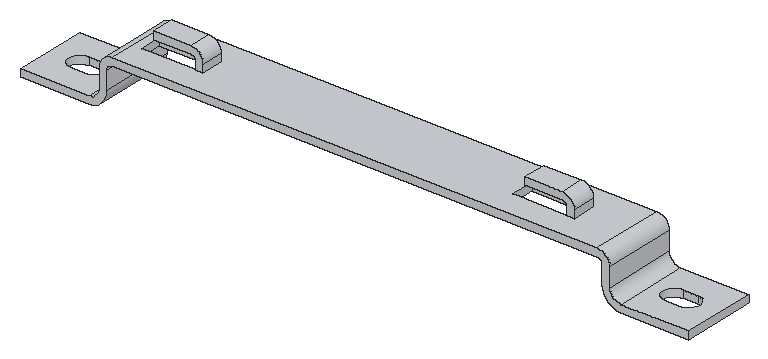
Revit family "Distanzbügel_DBLG_20_200_FT_FS", category Generic Models, Revit 2017
Family settings
  Can host rebar = No
  Round Connector Dimension = Use Diameter
  Part Type = Normal
  Work Plane-Based = No
  Always vertical = Yes
  Cut with Voids When Loaded = No
  Shared = No
  Room Calculation Point = No
Parameters (values of type "DBLG 20 200 FT")
  Width 1 = Width / 2  # 100 mm
  Width = 200 mm
  URL = "http://www.obo-bettermann.com"
  Material = Hot-dip galvanised
  Manufacturer Art.No. = "6015664"
  Manufacturer = "OBO BETTERMANN"
  Length 1 = 30.5 mm
  Length = 30 mm
  GTIN = "4012196043200"
  Article Type = "DBLG 20 200 FT"
Types (3, lengths in mm): name | Material | Manufacturer Art.No. | GTIN | Article Type
  (no name) | Hot-dip galvanised | "6015664" | "4012196043200" | "DBLG 20 200 FT"
  DBLG 20 200 FS | Strip-galvanised | "6015662" | "4012196961641" | "DBLG 20 200 FS"
  DBLG 20 200 FT | Hot-dip galvanised | "6015664" | "4012196043200" | "DBLG 20 200 FT"
Reference planes
  plane 1 "Center (Front/Back)": y = 0
  plane 2: z = 0
  plane 3 "Center (Left/Right)": x = 0
Forms (mm)
  Extrusion 1, solid
    sketch origin (0, 0, 0) x (1, 0, 0) y (0, 0, 1)
      loop
        line (-98, 17) -> (98, 17)
        arc (98, 17) -> (99.414, 16.414) -> (100, 15) r 2
        line (100, 15) -> (100, 7.5)
        arc (100, 7.5) -> (102.197, 2.197) -> (107.5, 0) r 7.5
        line (107.5, 0) -> (135, 0) -> (135, 3) -> (107.5, 3)
        arc (107.5, 3) -> (104.318, 4.318) -> (103, 7.5) r 4.5
        line (103, 7.5) -> (103, 15)
        arc (103, 15) -> (101.536, 18.536) -> (98, 20) r 5
        line (98, 20) -> (-98, 20)
        arc (-98, 20) -> (-101.536, 18.536) -> (-103, 15) r 5
        line (-103, 15) -> (-103, 7.5)
        arc (-103, 7.5) -> (-104.318, 4.318) -> (-107.5, 3) r 4.5
        line (-107.5, 3) -> (-135, 3) -> (-135, 0) -> (-107.5, 0)
        arc (-107.5, 0) -> (-102.197, 2.197) -> (-100, 7.5) r 7.5
        line (-100, 7.5) -> (-100, 15)
        arc (-100, 15) -> (-99.414, 16.414) -> (-98, 17) r 2
    from 0 to -30
  Extrusion 2, void
    sketch origin (0, 0, 0) x (1, 0, 0) y (0, 1, 0)
      loop
        arc (-123, 19.5) -> (-127.5, 15) -> (-123, 10.5) r 4.5
        line (-123, 10.5) -> (-117, 10.5)
        arc (-117, 10.5) -> (-112.5, 15) -> (-117, 19.5) r 4.5
        line (-117, 19.5) -> (-123, 19.5)
    from 0 to 3
  Extrusion 3, void
    sketch origin (0, 0, 0) x (1, 0, 0) y (0, 1, 0)
      loop
        arc (117, 19.5) -> (112.5, 15) -> (117, 10.5) r 4.5
        line (117, 10.5) -> (123, 10.5)
        arc (123, 10.5) -> (127.5, 15) -> (123, 19.5) r 4.5
        line (123, 19.5) -> (117, 19.5)
    from 0 to 3
  Extrusion 4, void
    sketch origin (0, 0, 0) x (1, 0, 0) y (0, 1, 0)
      loop
        line (-94.5, 19.5) -> (-94.5, 10.5) -> (-72.5, 10.5) -> (-72.5, 19.5) -> (-94.5, 19.5)
    from 17 to 20
  Extrusion 5, void
    sketch origin (0, 0, 0) x (1, 0, 0) y (0, 1, 0)
      loop
        line (55.5, 19.854) -> (55.5, 10.5) -> (77.5, 10.5) -> (77.5, 19.854) -> (55.5, 19.854)
    from 17 to 20
  Extrusion 6, solid
    sketch origin (0, 0, 0) x (1, 0, 0) y (0, 0, 1)
      loop
        line (-72.5, 20) -> (-69.5, 20) -> (-69.5, 22.987)
        arc (-69.5, 22.987) -> (-70.968, 26.532) -> (-74.513, 28) r 5.013
        line (-74.513, 28) -> (-89.513, 28) -> (-89.513, 25) -> (-74.513, 25)
        arc (-74.513, 25) -> (-73.089, 24.411) -> (-72.5, 22.987) r 2.013
        line (-72.5, 22.987) -> (-72.5, 20)
    from -19.5 to -10.5
  Extrusion 7, solid
    sketch origin (0, 0, 0) x (1, 0, 0) y (0, 0, 1)
      loop
        line (77.5, 20) -> (80.5, 20) -> (80.5, 23.027)
        arc (80.5, 23.027) -> (79.043, 26.543) -> (75.527, 28) r 4.973
        line (75.527, 28) -> (60.527, 28) -> (60.527, 25) -> (75.5, 25)
        arc (75.5, 25) -> (76.914, 24.414) -> (77.5, 23) r 2
        line (77.5, 23) -> (77.5, 20)
    from -19.854 to -10.5
Cuts and joins
  Extrusion 2, Extrusion 3, Extrusion 4, Extrusion 5 cuts Extrusion 1
Dimensions and locks
  locked: Extrusion 1 sketch curve to Extrusion 1 sketch curve at 35  (x2)
  "Width": Extrusion 1 sketch curve to Extrusion 1 sketch curve
  "Width 1": plane 3 "Center (Left/Right)" to Extrusion 1 sketch curve
  locked: Extrusion 1 sketch curve to Extrusion 1 sketch curve at 3  (x5)
  locked: Extrusion 1 sketch curve to Extrusion 1 sketch curve at 17
  "Length": Extrusion 1 to Extrusion 1
  locked: Extrusion 1 to Extrusion 2 sketch curve at 10.5
  Extrusion 2 sketch curve to Extrusion 2 sketch curve = 9 mm
  locked: Extrusion 1 to Extrusion 2 sketch curve at 7.5
  Extrusion 1 to Extrusion 2 sketch curve = 22.5 mm
  locked: cut or joined group of Extrusion 1, Extrusion 2, Extrusion 3, Extrusion 4, Extrusion 5 to Extrusion 3 sketch curve at 10.5
  locked: Extrusion 3 sketch curve to Extrusion 3 sketch curve at 9
  locked: Extrusion 3 sketch curve to cut or joined group of Extrusion 1, Extrusion 2, Extrusion 3, Extrusion 4, Extrusion 5 at 7.5
  locked: Extrusion 3 sketch curve to cut or joined group of Extrusion 1, Extrusion 2, Extrusion 3, Extrusion 4, Extrusion 5 at 22.5
  cut or joined group of Extrusion 1, Extrusion 2, Extrusion 3, Extrusion 4, Extrusion 5 to Extrusion 4 sketch curve = 62.5 mm
  locked: Extrusion 4 sketch curve to Extrusion 4 sketch curve at 9
  locked: Extrusion 4 sketch curve to Extrusion 4 sketch curve at 22
  locked: cut or joined group of Extrusion 1, Extrusion 2, Extrusion 3, Extrusion 4, Extrusion 5 to Extrusion 5 sketch curve at 10.5
  locked: Extrusion 5 sketch curve to Extrusion 5 sketch curve at 22
  locked: Extrusion 5 sketch curve to cut or joined group of Extrusion 1, Extrusion 2, Extrusion 3, Extrusion 4, Extrusion 5 at 57.5
  locked: Extrusion 5 sketch curve to Extrusion 5 sketch curve at 9.354
  locked: Extrusion 6 sketch curve to Extrusion 6 sketch curve at 20.013
  locked: Extrusion 6 sketch curve to cut or joined group of Extrusion 1, Extrusion 2, Extrusion 3, Extrusion 4, Extrusion 5 at 5
  locked: Extrusion 6 sketch curve to Extrusion 6 sketch curve at 3  (x2)
  locked: Extrusion 6 sketch curve to cut or joined group of Extrusion 1, Extrusion 2, Extrusion 3, Extrusion 4, Extrusion 5 at 13.487
  locked: Extrusion 7 sketch curve to Extrusion 7 sketch curve at 19.973
  locked: Extrusion 7 sketch curve to Extrusion 7 sketch curve at 3  (x2)
  locked: cut or joined group of Extrusion 1, Extrusion 2, Extrusion 3, Extrusion 4, Extrusion 5 to Extrusion 7 sketch curve at 42.473
  locked: Extrusion 7 sketch curve to cut or joined group of Extrusion 1, Extrusion 2, Extrusion 3, Extrusion 4, Extrusion 5 at 5
  Extrusion 7 sketch curve to Extrusion 7 sketch curve = 3 mm  (x2)
  locked: cut or joined group of Extrusion 1, Extrusion 2, Extrusion 3, Extrusion 4, Extrusion 5 to Extrusion 7 at 10.5
  locked: Extrusion 7 to cut or joined group of Extrusion 1, Extrusion 2, Extrusion 3, Extrusion 4, Extrusion 5 at 54.5
  aligned and locked: level to plane 2
  aligned and locked: Extrusion 1 sketch curve to level  (x2)
  aligned and locked: plane 1 "Center (Front/Back)" to Extrusion 1
  aligned and locked: Extrusion 2 to level
  aligned and locked: Extrusion 1 to Extrusion 2
  aligned and locked: Extrusion 3 to level
  aligned and locked: Extrusion 1 to Extrusion 3
  aligned and locked: Extrusion 1 to Extrusion 4  (x2)
  aligned and locked: Extrusion 1 to Extrusion 5  (x2)
  aligned and locked: Extrusion 6 sketch curve to cut or joined group of Extrusion 1, Extrusion 2, Extrusion 3, Extrusion 4, Extrusion 5
  aligned and locked: cut or joined group of Extrusion 1, Extrusion 2, Extrusion 3, Extrusion 4, Extrusion 5 to Extrusion 6
  aligned and locked: Extrusion 6 to cut or joined group of Extrusion 1, Extrusion 2, Extrusion 3, Extrusion 4, Extrusion 5
  aligned and locked: Extrusion 7 to cut or joined group of Extrusion 1, Extrusion 2, Extrusion 3, Extrusion 4, Extrusion 5  (x2)
  aligned and locked: cut or joined group of Extrusion 1, Extrusion 2, Extrusion 3, Extrusion 4, Extrusion 5 to Extrusion 7
Automatic sketch dimensions
  Extrusion 1 sketch curve to Extrusion 1 sketch curve = 0 mm  (x4)
  Extrusion 1 sketch curve to Extrusion 1 sketch curve = 4.5 mm  (x2)
  Extrusion 1 sketch curve to Extrusion 1 sketch curve = 2 mm  (x2)
  Extrusion 6 sketch curve to Extrusion 6 sketch curve = 0 mm
  Extrusion 6 sketch curve to Extrusion 6 sketch curve = 2.013 mm
  Extrusion 7 sketch curve to Extrusion 7 sketch curve = 2 mm
  Extrusion 7 sketch curve to Extrusion 7 sketch curve = 0.027 mm
  Extrusion 7 sketch curve to Extrusion 7 sketch curve = 3.027 mm
